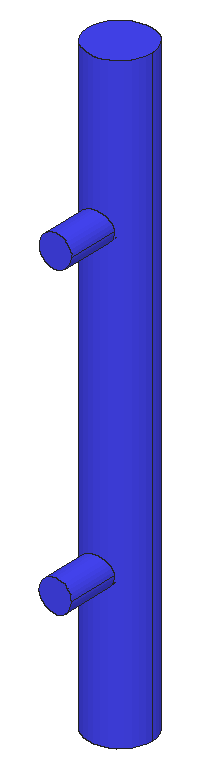
Revit family "R3D_Door handle", category Generic Models, Revit 2023
Family settings
  Can host rebar = No
  Round Connector Dimension = Use Diameter
  Part Type = Normal
  Work Plane-Based = No
  Always vertical = Yes
  Cut with Voids When Loaded = No
  Maintain Annotation Orientation = No
  Shared = No
  Room Calculation Point = No
Parameters
  handle = R3D_Goud
  Default Elevation = 0 mm
Reference planes
  plane 1 "Center (Front/Back)": y = 0
  plane 2: z = 0
  plane 3 "Center (Left/Right)": x = 0
  plane 4: y = 50
  plane 5: z = 381.5
  plane 6: z = 286.125
  plane 7: z = 190.75
  plane 8: z = 95.375
Forms (mm)
  Extrusion 1, solid, material "R3D_Goud" <- "handle"
    sketch origin (0, 50, 0) x (1, 0, 0) y (0, 1, 0)
      loop
        circle (0, 0) r 20
    from 0 to 381.5
  Sweep 2, solid, material "R3D_Goud" <- "handle"
    path origin (0, 0, 0) x (0, 1, 0) y (0, 0, 1)
      loop
        line (0, 190.75) -> (50, 190.75)
    profile origin (0, 25, 190.75) x (0, 0, 1) y (1, 0, 0)
      loop
        arc (95.375, -9.982) -> (105.805, 0) -> (95.375, 9.982) r 9.992
        arc (95.375, 9.982) -> (85.822, 0) -> (95.375, -9.982) r 9.992
      loop
        circle (-95.375, 0) r 10
Dimensions and locks
  equal spacing: plane 5, plane 6, plane 7, plane 8, plane 2
  aligned and locked: level to plane 2
  aligned and locked: Extrusion 1 to plane 2
  aligned and locked: plane 5 to Extrusion 1
  aligned and locked: plane 4 to Sweep 2 sketch curve
  aligned and locked: plane 1 "Center (Front/Back)" to Sweep 2 sketch curve
  aligned and locked: plane 8 to Sweep 2 sketch curve  (x2)
  aligned and locked: plane 6 to Sweep 2 sketch curve  (x2)
Automatic sketch dimensions
  Extrusion 1 sketch curve to plane 3 "Center (Left/Right)" = 0 mm
  Extrusion 1 sketch curve to plane 4 = 0 mm
  Sweep 2 sketch curve to plane 7 = 0 mm
  Sweep 2 sketch curve to plane 3 "Center (Left/Right)" = 0 mm  (x2)
  plane 3 "Center (Left/Right)" to Sweep 2 sketch curve = 9.982 mm
  Sweep 2 sketch curve to Sweep 2 sketch curve = 0 mm
  Sweep 2 sketch curve to Sweep 2 sketch curve = 0.438 mm
  radius of Extrusion 1 sketch curve = 20 mm
  radius of Sweep 2 sketch curve = 10 mm
